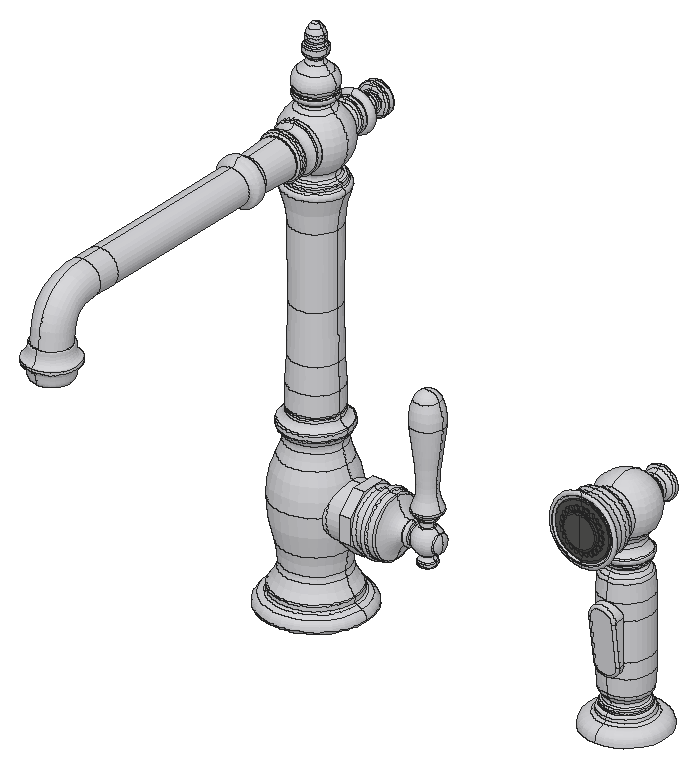
Revit family "Faucet-Kitchen_Sink-KOHLER-Artifacts-K-99265", category Plumbing Fixtures, host Face, Revit 2015 (continued)
Definition of nested family "K-99265_Faucet"
  Lines and regions (in)
    Masking region 2
      outline origin (0, 0, 0) x (0, 1, 0) y (0, 0, 1)
        loop
          spline (-0.5709, 10.18825) -> (-0.55555, 10.17322) -> (-0.54217, 10.15814) -> (-0.53076, 10.14302) -> (-0.52132, 10.12785) -> (-0.51383, 10.11263) -> (-0.50832, 10.09737) -> (-0.50477, 10.08206) -> (-0.50318, 10.06671) -> (-0.50356, 10.0513) -> (-0.50591, 10.03586) -> (-0.51022, 10.02036) -> (-0.5165, 10.00482)
          arc (-0.5165, 10.00482) -> (-0.53514, 9.97447) -> (-0.55958, 9.94855) r 0.17399
          arc (-0.55958, 9.94855) -> (-0.59743, 9.92615) -> (-0.64071, 9.91836) r 0.12414
          arc (-0.64071, 9.91836) -> (-0.6577, 9.91133) -> (-0.66473, 9.89435) r 0.02402
          line (-0.66473, 9.89435) -> (-0.66473, 9.83618)
          arc (-0.66473, 9.83618) -> (-0.67259, 9.80929) -> (-0.69369, 9.79086) r 0.04995
          arc (-0.69369, 9.79086) -> (-0.74797, 9.73361) -> (-0.74816, 9.65471) r 0.10683
          arc (-0.74816, 9.65471) -> (-0.62552, 9.24225) -> (-0.57598, 8.81481) r 2.48157
          arc (-0.57598, 8.81481) -> (-0.55808, 7.902) -> (-0.55657, 6.98903) r 50.8622
          arc (-0.55657, 6.98903) -> (-0.5679, 6.37381) -> (-0.59287, 5.759) r 27.73623
          arc (-0.59287, 5.759) -> (-0.60713, 5.43268) -> (-0.61614, 5.10618) r 20.32695
          line (-0.61614, 5.10618) -> (-0.62598, 4.60312)
          arc (-0.62598, 4.60312) -> (-0.61837, 4.58397) -> (-0.59937, 4.57599) r 0.02661
          line (-0.59937, 4.57599) -> (-0.54559, 4.57599) -> (-0.60157, 4.56099)
          arc (-0.60157, 4.56099) -> (-0.61722, 4.55481) -> (-0.62442, 4.5396) r 0.0229
          arc (-0.62442, 4.5396) -> (-0.62772, 4.50883) -> (-0.63353, 4.47843) r 0.37771
          arc (-0.63353, 4.47843) -> (-0.69402, 4.3663) -> (-0.80287, 4.30007) r 0.24345
          arc (-0.80287, 4.30007) -> (-0.81556, 4.29131) -> (-0.82044, 4.27668) r 0.02435
          line (-0.82044, 4.27668) -> (-0.82044, 4.16101)
          arc (-0.82044, 4.16101) -> (-0.81713, 4.14355) -> (-0.80765, 4.12853) r 0.04761
          arc (-0.80765, 4.12853) -> (-0.75642, 4.06508) -> (-0.71474, 3.99498) r 0.57158
          arc (-0.71474, 3.99498) -> (-0.68633, 3.90276) -> (-0.68956, 3.80631) r 0.29179
          arc (-0.68956, 3.80631) -> (-0.73645, 3.62772) -> (-0.80344, 3.45566) r 1.61306
          arc (-0.80344, 3.45566) -> (-0.95793, 2.98867) -> (-1.00768, 2.49931) r 2.25907
          arc (-1.00768, 2.49931) -> (-0.96528, 1.99757) -> (-0.84688, 1.50815) r 3.29284
          arc (-0.84688, 1.50815) -> (-0.78771, 1.26508) -> (-0.7656, 1.01589) r 1.66656
          arc (-0.7656, 1.01589) -> (-0.77128, 0.93941) -> (-0.79021, 0.86509) r 0.43831
          arc (-0.79021, 0.86509) -> (-0.87889, 0.66678) -> (-0.9993, 0.48597) r 1.30208
          arc (-0.9993, 0.48597) -> (-1.00741, 0.47125) -> (-1.01021, 0.45469) r 0.05032
          line (-1.01021, 0.45469) -> (-1.01021, 0.35409)
          arc (-1.01021, 0.35409) -> (-1.02158, 0.3213) -> (-1.05081, 0.30257) r 0.05298
          arc (-1.05081, 0.30257) -> (-1.12218, 0.27792) -> (-1.1875, 0.24003) r 0.39168
          arc (-1.1875, 0.24003) -> (-1.27039, 0.14387) -> (-1.30021, 0.02048) r 0.27019
          arc (-1.30021, 0.02048) -> (-1.29421, 0.006) -> (-1.27974, 0) r 0.02048
          line (-1.27974, 0) -> (1.27974, 0)
          arc (1.27974, 0) -> (1.29421, 0.006) -> (1.30021, 0.02048) r 0.02048
    Masking region 3
      outline origin (0, 0, 0) x (1, 0, 0) y (0, 1, 0)
        loop
          arc (0.20222, 2.14226) -> (0.10421, 2.17988) -> (0, 2.19268) r 0.43075
          arc (0, 2.19268) -> (-0.10421, 2.17988) -> (-0.20222, 2.14226) r 0.43075
          arc (-0.20222, 2.14226) -> (-0.2344, 2.11794) -> (-0.2574, 2.08481) r 0.12784
          arc (-0.2574, 2.08481) -> (-0.26999, 2.06842) -> (-0.2881, 2.05845) r 0.05043
          line (-0.2881, 2.05845) -> (-0.38067, 2.03015)
          arc (-0.38067, 2.03015) -> (-0.3961, 2.01924) -> (-0.40202, 2.0013) r 0.03017
          line (-0.40202, 2.0013) -> (-0.40202, 1.879)
          arc (-0.40202, 1.879) -> (-0.39831, 1.86408) -> (-0.38806, 1.85262) r 0.03189
          arc (-0.38806, 1.85262) -> (-0.36732, 1.83914) -> (-0.34605, 1.82652) r 0.60339
          arc (-0.34605, 1.82652) -> (-0.30536, 1.80829) -> (-0.26199, 1.79796) r 0.2381
          arc (-0.26199, 1.79796) -> (-0.24199, 1.79367) -> (-0.22281, 1.78656) r 0.1428
          arc (-0.22281, 1.78656) -> (-0.20874, 1.77629) -> (-0.19988, 1.7613) r 0.0431
          arc (-0.19988, 1.7613) -> (-0.19184, 1.7329) -> (-0.18692, 1.7038) r 0.27224
          arc (-0.18692, 1.7038) -> (-0.19114, 1.68657) -> (-0.20553, 1.67621) r 0.02562
          arc (-0.20553, 1.67621) -> (-0.23116, 1.66028) -> (-0.24408, 1.63301) r 0.0535
          arc (-0.24408, 1.63301) -> (-0.23762, 1.59402) -> (-0.20911, 1.56667) r 0.06262
          arc (-0.20911, 1.56667) -> (-0.19431, 1.55234) -> (-0.19124, 1.53197) r 0.03217
          arc (-0.19124, 1.53197) -> (-0.20303, 1.50315) -> (-0.22565, 1.48173) r 0.07394
          arc (-0.22565, 1.48173) -> (-0.33419, 1.41882) -> (-0.44522, 1.36041) r 3.05802
          arc (-0.44522, 1.36041) -> (-0.50368, 1.29084) -> (-0.49303, 1.20059) r 0.11447
          arc (-0.49303, 1.20059) -> (-1.29786, 0.00777) -> (-0.50737, -1.1946) r 1.29788
          arc (-0.50737, -1.1946) -> (-0.50057, -1.20972) -> (-0.49675, -1.22585) r 0.08706
          arc (-0.49675, -1.22585) -> (-0.49483, -1.24209) -> (-0.49355, -1.2584) r 0.41994
          line (-0.49355, -1.2584) -> (-0.44029, -2.15988)
          arc (-0.44029, -2.15988) -> (-0.46405, -2.2613) -> (-0.53939, -2.33325) r 0.18267
          spline (-0.53939, -2.33325) -> (-0.55531, -2.34098) -> (-0.56996, -2.36186) -> (-0.57514, -2.39717) -> (-0.57498, -2.4373) -> (-0.5728, -2.47374) -> (-0.56846, -2.50211) -> (-0.56097, -2.51964) -> (-0.54729, -2.53166) -> (-0.52328, -2.54775) -> (-0.48762, -2.57739) -> (-0.45336, -2.62937) -> (-0.43804, -2.71226)
          line (-0.43804, -2.71226) -> (-0.43804, -8.02779)
          arc (-0.43804, -8.02779) -> (0, -9.14832) -> (0.43804, -8.02779) r 0.64589
          line (0.43804, -8.02779) -> (0.43804, -2.71226)
          spline (0.43804, -2.71226) -> (0.45336, -2.62937) -> (0.48762, -2.57739) -> (0.52328, -2.54775) -> (0.54729, -2.53166) -> (0.56097, -2.51964) -> (0.56846, -2.50211) -> (0.5728, -2.47374) -> (0.57498, -2.4373) -> (0.57514, -2.39717) -> (0.56996, -2.36186) -> (0.55531, -2.34098) -> (0.53939, -2.33325)
          arc (0.53939, -2.33325) -> (0.46405, -2.2613) -> (0.44029, -2.15988) r 0.18267
          line (0.44029, -2.15988) -> (0.49355, -1.2584)
          arc (0.49355, -1.2584) -> (0.49483, -1.24209) -> (0.49675, -1.22585) r 0.41994
          arc (0.49675, -1.22585) -> (0.50057, -1.20972) -> (0.50737, -1.1946) r 0.08706
          arc (0.50737, -1.1946) -> (0.85032, -0.98054) -> (1.11077, -0.67133) r 1.29788
          line (1.11077, -0.67133) -> (1.22963, -0.66655) -> (1.22963, -0.75335) -> (1.50398, -0.75335)
          arc (1.50398, -0.75335) -> (1.51571, -0.70392) -> (1.56064, -0.68021) r 0.06145
          line (1.56064, -0.68021) -> (1.77599, -0.67196) -> (1.77599, -0.76324)
          arc (1.77599, -0.76324) -> (1.82859, -0.79683) -> (1.88119, -0.76324) r 0.05798
          arc (1.88119, -0.76324) -> (1.89293, -0.7504) -> (1.90991, -0.74666) r 0.02881
          line (1.90991, -0.74666) -> (2.07431, -0.74666)
          arc (2.07431, -0.74666) -> (2.08901, -0.7361) -> (2.09337, -0.71854) r 0.0262
          spline (2.09337, -0.71854) -> (2.14708, -0.57184) -> (2.17672, -0.49317) -> (2.19104, -0.4586) -> (2.19879, -0.44424) -> (2.20794, -0.42937) -> (2.22269, -0.40861) -> (2.24588, -0.38134) -> (2.27488, -0.35078) -> (2.30126, -0.32416) -> (2.32126, -0.30611) -> (2.35355, -0.28845) -> (2.42317, -0.25939)
          arc (2.42317, -0.25939) -> (2.43897, -0.26343) -> (2.45115, -0.27427) r 0.03451
          arc (2.45115, -0.27427) -> (2.50604, -0.29603) -> (2.54425, -0.251) r 0.05065
          line (2.54425, -0.251) -> (2.54425, -0.18304)
          arc (2.54425, -0.18304) -> (2.85854, -0.38381) -> (3.19532, -0.22358) r 0.38455
          arc (3.19532, -0.22358) -> (3.21204, -0.22084) -> (3.22489, -0.20979) r 0.03132
          arc (3.22489, -0.20979) -> (3.27799, 0) -> (3.22489, 0.20979) r 0.441
          arc (3.22489, 0.20979) -> (3.21204, 0.22084) -> (3.19532, 0.22358) r 0.03132
          arc (3.19532, 0.22358) -> (2.85854, 0.38381) -> (2.54425, 0.18304) r 0.38455
          line (2.54425, 0.18304) -> (2.54425, 0.251)
          arc (2.54425, 0.251) -> (2.50604, 0.29603) -> (2.45115, 0.27427) r 0.05065
          arc (2.45115, 0.27427) -> (2.43897, 0.26343) -> (2.42317, 0.25939) r 0.03451
          spline (2.42317, 0.25939) -> (2.35355, 0.28845) -> (2.32126, 0.30611) -> (2.30126, 0.32416) -> (2.27488, 0.35078) -> (2.24588, 0.38134) -> (2.22269, 0.40861) -> (2.20794, 0.42937) -> (2.19879, 0.44424) -> (2.19104, 0.4586) -> (2.17672, 0.49317) -> (2.14708, 0.57184) -> (2.09337, 0.71854)
          arc (2.09337, 0.71854) -> (2.08901, 0.7361) -> (2.07431, 0.74666) r 0.0262
          line (2.07431, 0.74666) -> (1.90991, 0.74666)
          arc (1.90991, 0.74666) -> (1.89293, 0.7504) -> (1.88119, 0.76324) r 0.02881
          arc (1.88119, 0.76324) -> (1.82859, 0.79683) -> (1.77599, 0.76324) r 0.05798
          line (1.77599, 0.76324) -> (1.77599, 0.67196) -> (1.56064, 0.68021)
          arc (1.56064, 0.68021) -> (1.51571, 0.70392) -> (1.50398, 0.75335) r 0.06145
          line (1.50398, 0.75335) -> (1.22963, 0.75335) -> (1.22963, 0.66655) -> (1.11077, 0.67133)
          arc (1.11077, 0.67133) -> (0.84444, 0.98561) -> (0.49303, 1.20059) r 1.29788
          arc (0.49303, 1.20059) -> (0.50368, 1.29084) -> (0.44522, 1.36041) r 0.11447
          arc (0.44522, 1.36041) -> (0.33419, 1.41882) -> (0.22565, 1.48173) r 3.05802
          arc (0.22565, 1.48173) -> (0.20303, 1.50315) -> (0.19124, 1.53197) r 0.07394
          arc (0.19124, 1.53197) -> (0.19431, 1.55234) -> (0.20911, 1.56667) r 0.03217
          arc (0.20911, 1.56667) -> (0.23762, 1.59402) -> (0.24408, 1.63301) r 0.06262
          arc (0.24408, 1.63301) -> (0.23116, 1.66028) -> (0.20553, 1.67621) r 0.0535
          arc (0.20553, 1.67621) -> (0.19114, 1.68657) -> (0.18692, 1.7038) r 0.02562
          arc (0.18692, 1.7038) -> (0.19184, 1.7329) -> (0.19988, 1.7613) r 0.27224
          arc (0.19988, 1.7613) -> (0.20874, 1.77629) -> (0.22281, 1.78656) r 0.0431
          arc (0.22281, 1.78656) -> (0.24199, 1.79367) -> (0.26199, 1.79796) r 0.1428
          arc (0.26199, 1.79796) -> (0.30536, 1.80829) -> (0.34605, 1.82652) r 0.2381
          arc (0.34605, 1.82652) -> (0.36732, 1.83914) -> (0.38806, 1.85262) r 0.60339
          arc (0.38806, 1.85262) -> (0.39831, 1.86408) -> (0.40202, 1.879) r 0.03189
          line (0.40202, 1.879) -> (0.40202, 2.0013)
          arc (0.40202, 2.0013) -> (0.3961, 2.01924) -> (0.38067, 2.03015) r 0.03017
          line (0.38067, 2.03015) -> (0.2881, 2.05845)
          arc (0.2881, 2.05845) -> (0.26999, 2.06842) -> (0.2574, 2.08481) r 0.05043
          arc (0.2574, 2.08481) -> (0.2344, 2.11794) -> (0.20222, 2.14226) r 0.12784
    symbolic lines, detail levels medium+fine
      curve 1: arc (0.43542, 0, 10.78834) -> (0, 0, 11.22377) -> (-0.43542, 0, 10.78834) r 0.43542
      curve 2: line (-0.43542, 0, 9.75793) -> (0, 0, 9.75793)
      curve 3: line (0, 0, 9.75793) -> (0.43542, 0, 9.75793)
      curve 4: line (-0.44399, 0, 8.95285) -> (0.44399, 0, 8.95285)
      curve 5: line (-0.43542, 0, 10.78834) -> (-0.43542, 0, 9.75793)
      curve 6: line (0.43542, 0, 10.78834) -> (0.43542, 0, 9.75793)
      curve 7: line (0, 0, 9.75793) -> (0.43542, 0, 9.75793)
      curve 8: line (-0.4953, 0, 9.7234) -> (-0.4953, 0, 9.67956)
      curve 9: arc (-0.4953, 0, 9.67956) -> (-0.50275, 0, 9.60544) -> (-0.52481, 0, 9.53429) r 0.37235
      curve 10: arc (-0.52481, 0, 9.53429) -> (-0.56841, 0, 9.46389) -> (-0.63127, 0, 9.40999) r 0.2704
      curve 11: line (-0.64284, 0, 9.38919) -> (-0.64284, 0, 9.33023)
      curve 12: arc (-0.48018, 0, 8.98496) -> (-0.46818, 0, 8.96203) -> (-0.44399, 0, 8.95285) r 0.03645
      curve 13: line (-0.48018, 0, 8.98496) -> (-0.53642, 0, 9.22855)
      curve 14: arc (-0.53642, 0, 9.22855) -> (-0.55503, 0, 9.27347) -> (-0.59995, 0, 9.29208) r 0.06353
      curve 15: arc (-0.59995, 0, 9.29208) -> (-0.62865, 0, 9.303) -> (-0.64284, 0, 9.33023) r 0.04319
      curve 16: arc (-0.63127, 0, 9.40999) -> (-0.63975, 0, 9.40109) -> (-0.64284, 0, 9.38919) r 0.02446
      curve 17: line (-0.43542, 0, 9.75793) -> (-0.46076, 0, 9.75793)
      curve 18: arc (-0.46076, 0, 9.75793) -> (-0.48518, 0, 9.74782) -> (-0.4953, 0, 9.7234) r 0.03454
      curve 19: line (0.4953, 0, 9.7234) -> (0.4953, 0, 9.67956)
      curve 20: arc (0.4953, 0, 9.67956) -> (0.50275, 0, 9.60544) -> (0.52481, 0, 9.53429) r 0.37235
      curve 21: arc (0.52481, 0, 9.53429) -> (0.56841, 0, 9.46389) -> (0.63127, 0, 9.40999) r 0.2704
      curve 22: line (0.64284, 0, 9.38919) -> (0.64284, 0, 9.33023)
      curve 23: arc (0.48018, 0, 8.98496) -> (0.46818, 0, 8.96203) -> (0.44399, 0, 8.95285) r 0.03645
      curve 24: line (0.48018, 0, 8.98496) -> (0.53642, 0, 9.22855)
      curve 25: arc (0.53642, 0, 9.22855) -> (0.55503, 0, 9.27347) -> (0.59995, 0, 9.29208) r 0.06353
      curve 26: arc (0.59995, 0, 9.29208) -> (0.62865, 0, 9.303) -> (0.64284, 0, 9.33023) r 0.04319
      curve 27: arc (0.63127, 0, 9.40999) -> (0.63975, 0, 9.40109) -> (0.64284, 0, 9.38919) r 0.02446
      curve 28: line (0.43542, 0, 9.75793) -> (0.46076, 0, 9.75793)
      curve 29: arc (0.46076, 0, 9.75793) -> (0.48518, 0, 9.74782) -> (0.4953, 0, 9.7234) r 0.03454
      curve 30: line (-0.54559, 0, 4.57599) -> (0.54559, 0, 4.57599)
      curve 31: line (1.22973, 0, 3.13833) -> (1.22973, 0, 1.80089)
      curve 32: line (1.77608, 0, 1.7995) -> (1.77608, 0, 3.14407)
      curve 33: line (1.50398, 0, 3.2446) -> (1.50398, 0, 1.69036)
      curve 34: line (2.54434, 0, 2.67439) -> (2.54434, 0, 2.26917)
      curve 35: line (3.15618, 0, 2.69537) -> (3.15618, 0, 2.24009)
      curve 36: line (2.65626, 0, 3.04896) -> (3.11042, 0, 3.04896)
      curve 37: line (2.75882, 0, 2.1233) -> (3.00786, 0, 2.1233)
      curve 38: line (2.73143, 0, 2.81264) -> (3.03525, 0, 2.81264)
      curve 39: line (-1.01021, 0, 0.45469) -> (1.01021, 0, 0.45469)
      curve 40: line (-0.46919, 0, 11.85891) -> (0.46919, 0, 11.85891)
      curve 41: line (-0.64071, 0, 9.91836) -> (-0.43542, 0, 9.91836)
      curve 42: line (0.43542, 0, 9.91836) -> (0.64071, 0, 9.91836)
      curve 43: line (0, -8.96672, 9.75793) -> (0, -8.03814, 9.75793)
      curve 44: line (0, 1.14439, 10.38632) -> (0, 1.14439, 11.19036)
      curve 45: line (0, 2.05899, 11.07645) -> (0, 2.05899, 10.50024)
      curve 46: line (0, 0.75853, 11.12051) -> (0, 0.75853, 10.45576)
      curve 47: line (0, -1.22531, 11.28509) -> (0, -1.22531, 10.29159)
      curve 48: line (0, -1.0172, 11.33754) -> (0, -1.0172, 10.23914)
      curve 49: line (0, -2.33271, 11.32773) -> (0, -2.33271, 10.24895)
      curve 50: line (0, -2.53691, 11.32773) -> (0, -2.53691, 10.24895)
      curve 51: line (0, 0.64071, 9.91836) -> (0, -0.64071, 9.91836)
      curve 52: line (0, 1.05081, 0.30257) -> (0, -1.05081, 0.30257)
      curve 53: arc (0, 0.00046, 2.25953) -> (0, -0.22313, 2.48311) -> (0, 0.00046, 2.70669) r 0.22358
      curve 54: arc (0, 0.00046, 2.70669) -> (0, 0.22404, 2.48311) -> (0, 0.00046, 2.25953) r 0.22358
      curve 55: line (0, 0.17816, 2.34742) -> (0, -0.13523, 2.66081)
      curve 56: line (0, -0.17912, 2.61631) -> (0, 0.13366, 2.30354)
      curve 57: arc (0, -0.05423, 1.81238) -> (0, 0.00382, 1.79574) -> (0, 0.06064, 1.81621) r 0.0982
      curve 58: line (0, -0.37106, 5.13407) -> (0, -0.26236, 4.18093)
      curve 59: line (0, -0.26236, 4.18093) -> (0, -0.34958, 3.20359)
      curve 60: arc (0, -0.34958, 3.20359) -> (0, -0.3598, 3.18186) -> (0, -0.35557, 3.15822) r 0.03957
      curve 61: line (0, -0.22706, 3.05311) -> (0, -0.22706, 2.99918)
      curve 62: arc (0, -0.22706, 2.99918) -> (0, -0.21792, 2.98186) -> (0, -0.19908, 2.97652) r 0.02488
      curve 63: arc (0, -0.19908, 2.97652) -> (0, -0.17344, 2.96135) -> (0, -0.1601, 2.93473) r 0.05281
      curve 64: arc (0, -0.1601, 2.93473) -> (0, -0.15142, 2.89399) -> (0, -0.15003, 2.85236) r 0.23629
      curve 65: arc (0, -0.15189, 2.81678) -> (0, -0.15849, 2.79821) -> (0, -0.17285, 2.78471) r 0.04191
      curve 66: arc (0, -0.17285, 2.78471) -> (0, -0.34962, 2.4679) -> (0, -0.15063, 2.16455) r 0.35004
      curve 67: arc (0, -0.15063, 2.16455) -> (0, -0.12332, 2.10767) -> (0, -0.15063, 2.05078) r 0.07291
      curve 68: arc (0, -0.15063, 2.05078) -> (0, -0.17908, 2.03089) -> (0, -0.2099, 2.01489) r 0.26448
      curve 69: line (0, -0.21498, 2.00002) -> (0, -0.21498, 1.9384)
      curve 70: arc (0, -0.21498, 1.9384) -> (0, -0.20807, 1.92171) -> (0, -0.19137, 1.9148) r 0.02361
      curve 71: line (0, -0.16051, 1.90006) -> (0, -0.05534, 1.81314)
      curve 72: arc (0, -0.37106, 5.13407) -> (0, -0.37081, 5.43114) -> (0, -0.29671, 5.71882) r 1.18563
      curve 73: arc (0, -0.29671, 5.71882) -> (0, -0.18241, 5.87174) -> (0, 0.00046, 5.9266) r 0.30462
      curve 74: line (0, 0.37198, 5.13407) -> (0, 0.26327, 4.18093)
      curve 75: line (0, 0.26327, 4.18093) -> (0, 0.35049, 3.20359)
      curve 76: arc (0, 0.22797, 2.99918) -> (0, 0.21883, 2.98186) -> (0, 0.19999, 2.97652) r 0.02488
      curve 77: arc (0, 0.16101, 2.93473) -> (0, 0.15234, 2.89399) -> (0, 0.15095, 2.85236) r 0.23629
      curve 78: arc (0, 0.17377, 2.78471) -> (0, 0.35053, 2.4679) -> (0, 0.15154, 2.16455) r 0.35004
      curve 79: arc (0, 0.15154, 2.05078) -> (0, 0.17999, 2.03089) -> (0, 0.21081, 2.01489) r 0.26448
      curve 80: line (0, 0.16143, 1.90006) -> (0, 0.05532, 1.81237)
      curve 81: arc (0, 0.37198, 5.13407) -> (0, 0.37172, 5.43114) -> (0, 0.29763, 5.71882) r 1.18563
      curve 82: arc (0, 0.29763, 5.71882) -> (0, 0.18333, 5.87174) -> (0, 0.00046, 5.9266) r 0.30462
      curve 83: arc (0, 0.35049, 3.20359) -> (0, 0.36096, 3.18176) -> (0, 0.35721, 3.15783) r 0.04083
      curve 84: arc (0, -0.35374, 3.15601) -> (0, -0.29858, 3.09449) -> (0, -0.22706, 3.05311) r 0.2632
      curve 85: line (0, 0.22797, 3.05311) -> (0, 0.22797, 2.99918)
      curve 86: arc (0, 0.19999, 2.97652) -> (0, 0.17436, 2.96135) -> (0, 0.16101, 2.93473) r 0.05281
      curve 87: arc (0, 0.1528, 2.81678) -> (0, 0.1594, 2.79821) -> (0, 0.17377, 2.78471) r 0.04191
      curve 88: line (0, -0.15003, 2.85236) -> (0, -0.15209, 2.81488)
      curve 89: line (0, 0.15095, 2.85236) -> (0, 0.15301, 2.81488)
      curve 90: line (0, -0.22706, 3.05311) -> (0, 0.22797, 3.05311)
      curve 91: line (0, 0.21589, 2.00002) -> (0, 0.21589, 1.9384)
      curve 92: arc (0, 0.21589, 1.9384) -> (0, 0.20898, 1.92171) -> (0, 0.19229, 1.9148) r 0.02361
      curve 93: arc (0, -0.19137, 1.9148) -> (0, -0.17531, 1.90875) -> (0, -0.16051, 1.90006) r 0.10079
      curve 94: arc (0, 0.19229, 1.9148) -> (0, 0.17623, 1.90875) -> (0, 0.16143, 1.90006) r 0.10079
      curve 95: arc (0, 0.15154, 2.16455) -> (0, 0.12423, 2.10767) -> (0, 0.15154, 2.05078) r 0.07291
      curve 96: arc (0, -0.71706, 2.82881) -> (0, 0.25784, 1.72515) -> (0, 0.35684, 3.1944) r 0.79785
      curve 97: arc (0, -0.33222, 3.1272) -> (0, 0, 1.75324) -> (0, 0.33297, 3.12702) r 0.72719
      curve 98: line (0, -0.75289, 2.79298) -> (0, -0.71706, 2.82881)
      curve 99: line (0, -0.75289, 2.16889) -> (0, -0.75289, 2.21843)
      curve 100: line (0, -0.31159, 1.72758) -> (0, -0.34573, 1.76173)
      curve 101: line (0, 0.3125, 1.72758) -> (0, 0.26488, 1.72758)
      curve 102: line (0, 0.7538, 2.16889) -> (0, 0.7199, 2.13498)
      curve 103: line (0, 0.7538, 2.79298) -> (0, 0.7538, 2.74391)
      curve 104: line (0, -0.75289, 2.74244) -> (0, -0.75289, 2.79298)
      curve 105: line (0, -0.71799, 2.13399) -> (0, -0.75289, 2.16889)
      curve 106: line (0, -0.26345, 1.72758) -> (0, -0.31159, 1.72758)
      curve 107: line (0, 0.34617, 1.76125) -> (0, 0.3125, 1.72758)
      curve 108: line (0, 0.7538, 2.21696) -> (0, 0.7538, 2.16889)
      curve 109: line (0, 0.71897, 2.82781) -> (0, 0.7538, 2.79298)
      curve 110: arc (0, -0.35557, 3.15822) -> (0, 0.00004, 1.71987) -> (0, 0.35721, 3.15783) r 0.76324
      curve 111: arc (0, -0.35613, 3.19404) -> (0, -0.56678, 3.04125) -> (0, -0.71706, 2.82881) r 0.79785
      curve 112: arc (0, 0.35466, 3.15601) -> (0, 0.29949, 3.09449) -> (0, 0.22797, 3.05311) r 0.2632
      curve 113: arc (0, 0.00046, 5.9266) -> (0, -0.1793, 5.86728) -> (0, -0.29671, 5.71882) r 0.32937
      curve 114: arc (0, -0.29671, 5.71882) -> (0, -0.37277, 5.43136) -> (0, -0.37888, 5.13407) r 1.25185
      curve 115: line (0, -0.37888, 5.13407) -> (0, -0.34958, 3.20359)
      curve 116: arc (0, -0.34958, 3.20359) -> (0, -0.35982, 3.18052) -> (0, -0.35374, 3.15601) r 0.03892
      curve 117: arc (0, -0.35374, 3.15601) -> (0, -0.29858, 3.09449) -> (0, -0.22706, 3.05311) r 0.2632
      curve 118: line (0, -0.22706, 3.05311) -> (0, -0.22706, 2.99918)
      curve 119: line (0, -0.21498, 2.00002) -> (0, -0.21498, 1.9384)
      curve 120: arc (0, -0.10649, 1.85513) -> (0, -0.08127, 1.83264) -> (0, -0.05423, 1.81238) r 0.39479
      curve 121: arc (0, -0.16051, 1.90006) -> (0, -0.13263, 1.87864) -> (0, -0.10649, 1.85513) r 0.45307
      curve 122: arc (0, -0.19716, 1.91625) -> (0, -0.17802, 1.90999) -> (0, -0.16051, 1.90006) r 0.10079
      curve 123: arc (0, -0.21498, 1.9384) -> (0, -0.20997, 1.92418) -> (0, -0.19716, 1.91625) r 0.02268
      curve 124: arc (0, -0.19677, 2.02355) -> (0, -0.1414, 2.06211) -> (0, -0.1245, 2.12744) r 0.09716
      curve 125: arc (0, -0.21498, 2.00002) -> (0, -0.2099, 2.01489) -> (0, -0.19677, 2.02355) r 0.02431
      curve 126: arc (0, -0.15063, 2.16455) -> (0, -0.34962, 2.4679) -> (0, -0.17285, 2.78471) r 0.35004
      curve 127: arc (0, -0.1245, 2.12744) -> (0, -0.13271, 2.14942) -> (0, -0.15063, 2.16455) r 0.04633
      curve 128: arc (0, -0.15189, 2.81678) -> (0, -0.15102, 2.87834) -> (0, -0.16121, 2.93906) r 0.34202
      curve 129: arc (0, -0.17285, 2.78471) -> (0, -0.15849, 2.79821) -> (0, -0.15189, 2.81678) r 0.04191
      curve 130: arc (0, -0.16121, 2.93906) -> (0, -0.17816, 2.96585) -> (0, -0.20747, 2.97791) r 0.05228
      curve 131: arc (0, -0.22706, 2.99918) -> (0, -0.22142, 2.98473) -> (0, -0.20747, 2.97791) r 0.02134
      curve 132: arc (0, 0.15154, 2.16455) -> (0, 0.35053, 2.4679) -> (0, 0.17377, 2.78471) r 0.35004
      curve 133: arc (0, 0.12541, 2.12744) -> (0, 0.13362, 2.14942) -> (0, 0.15154, 2.16455) r 0.04633
      curve 134: arc (0, 0.1528, 2.81678) -> (0, 0.15194, 2.87834) -> (0, 0.16212, 2.93906) r 0.34202
      curve 135: arc (0, 0.19768, 2.02355) -> (0, 0.14231, 2.06211) -> (0, 0.12541, 2.12744) r 0.09716
      curve 136: arc (0, 0.16143, 1.90006) -> (0, 0.13354, 1.87864) -> (0, 0.1074, 1.85513) r 0.45307
      curve 137: arc (0, 0.19807, 1.91625) -> (0, 0.17894, 1.90999) -> (0, 0.16143, 1.90006) r 0.10079
      curve 138: arc (0, 0.1074, 1.85513) -> (0, 0.08477, 1.83477) -> (0, 0.06064, 1.81621) r 0.39479
      curve 139: arc (0, 0.21589, 1.9384) -> (0, 0.21088, 1.92418) -> (0, 0.19807, 1.91625) r 0.02268
      curve 140: arc (0, 0.21589, 2.00002) -> (0, 0.21081, 2.01489) -> (0, 0.19768, 2.02355) r 0.02431
      curve 141: line (0, 0.21589, 2.00002) -> (0, 0.21589, 1.9384)
      curve 142: arc (0, 0.17377, 2.78471) -> (0, 0.1594, 2.79821) -> (0, 0.1528, 2.81678) r 0.04191
      curve 143: arc (0, 0.35466, 3.15601) -> (0, 0.29949, 3.09449) -> (0, 0.22797, 3.05311) r 0.2632
      curve 144: line (0, 0.22797, 3.05311) -> (0, 0.22797, 2.99918)
      curve 145: arc (0, 0.16212, 2.93906) -> (0, 0.17907, 2.96585) -> (0, 0.20839, 2.97791) r 0.05228
      curve 146: arc (0, 0.22797, 2.99918) -> (0, 0.22233, 2.98473) -> (0, 0.20839, 2.97791) r 0.02134
      curve 147: line (0, 0.37979, 5.13407) -> (0, 0.35049, 3.20359)
      curve 148: arc (0, 0.35049, 3.20359) -> (0, 0.36073, 3.18052) -> (0, 0.35466, 3.15601) r 0.03892
      curve 149: arc (0, 0.00046, 5.9266) -> (0, 0.18021, 5.86728) -> (0, 0.29763, 5.71882) r 0.32937
      curve 150: arc (0, 0.29763, 5.71882) -> (0, 0.37368, 5.43136) -> (0, 0.37979, 5.13407) r 1.25185
      curve 151: line (0, -0.54559, 4.57599) -> (0, -0.31605, 4.57599)
      curve 152: line (0, 0.54559, 4.57599) -> (0, 0.3132, 4.57599)
      curve 153: line (1.22963, 0.75335, 0) -> (1.22963, 0, 0)
      curve 154: line (1.22963, 0, 0) -> (1.22963, -0.75335, 0)
      curve 155: line (1.50388, 0.75335, 0) -> (1.50388, 0, 0)
      curve 156: line (1.50388, 0, 0) -> (1.50388, -0.75335, 0)
      curve 157: line (1.77599, 0.76324, 0) -> (1.77599, 0, 0)
      curve 158: line (1.77599, 0, 0) -> (1.77599, -0.76324, 0)
      curve 159: line (2.49686, 0, 0) -> (3.2684, 0, 0)
      curve 160: circle (2.88263, 0, 0) r 0.38577 normal (0, 0, 1)
      curve 161: line (2.42317, 0.25939, 0) -> (2.42317, -0.25939, 0)
      curve 162: line (2.44718, 0.26954, 0) -> (2.44718, -0.26842, 0)
      curve 163: line (1.90991, 0.74666, 0) -> (1.90991, -0.74666, 0)
      curve 164: line (2.07431, 0.74666, 0) -> (2.07431, -0.74666, 0)
      curve 165: line (2.09337, 0.71854, 0) -> (2.09337, -0.71854, 0)
      curve 166: line (1.22963, 0.41618, 0) -> (1.50388, 0.41618, 0)
      curve 167: line (1.50388, -0.31205, 0) -> (1.22963, -0.31205, 0)
      curve 168: line (-0.43804, -8.02779, 0) -> (-0.43804, -8.50243, 0)
      curve 169: line (0.43804, -8.02779, 0) -> (0.43804, -8.50243, 0)
      curve 170: arc (-0.43804, -8.50243, 0) -> (0, -8.94047, 0) -> (0.43804, -8.50243, 0) r 0.43804
      curve 171: line (-0.49303, 1.20059, 0) -> (-0.49303, 0.74666, 0)
      curve 172: line (0.49303, 1.20059, 0) -> (0.49303, 0.74666, 0)
      curve 173: arc (0.5251, -0.72446, 0) -> (0.89454, 0.0195, 0) -> (0.49303, 0.74666, 0) r 0.89475
      curve 174: arc (-0.49303, 1.10822, 0) -> (-1.21294, 0.00529, 0) -> (-0.50268, -1.10388, 0) r 1.21295
      curve 175: line (-0.5251, -0.72446, 0) -> (-0.49355, -1.2584, 0)
      curve 176: line (0.5251, -0.72446, 0) -> (0.49355, -1.2584, 0)
      curve 177: arc (0.50268, -1.10388, 0) -> (1.21294, 0.00529, 0) -> (0.49303, 1.10822, 0) r 1.21295
      curve 178: arc (-0.49303, 0.74666, 0) -> (-0.89454, 0.0195, 0) -> (-0.5251, -0.72446, 0) r 0.89475
      curve 179: line (-0.49303, 0.74666, 0) -> (0.49303, 0.74666, 0)
      curve 180: line (-0.5251, -0.72446, 0) -> (0.5251, -0.72446, 0)
      curve 181: line (-0.53939, -2.33325, 0) -> (0.53939, -2.33325, 0)
      curve 182: line (0.53939, -2.53607, 0) -> (-0.53939, -2.53607, 0)
  Dimensions and locks (in)
    aligned and locked: plane 2 to level
Definition of nested family "K-99265_Spray"
  Parameters (values of type "K-99265_Spray")
    Material = none
  Reference planes (in)
    plane 1 "Center (Front/Back)": y = 0
    plane 2: z = 0
    plane 3 "Center (Left/Right)": x = 0
  Forms (in)
    Revolve 1, solid, material <- "Material"
      sketch origin (0, 0, 0) x (0, 1, 0) y (0, 0, 1)
        loop
          line (0.00003, 0.00009) -> (0.99951, 0.00009)
          spline (0.99951, 0.00009) -> (0.9907, 0.08078) -> (0.98085, 0.11338) -> (0.96715, 0.14857) -> (0.95888, 0.16297) -> (0.94572, 0.18191) -> (0.93144, 0.1992) -> (0.90404, 0.22526) -> (0.88811, 0.23809) -> (0.85727, 0.256) -> (0.83427, 0.26852) -> (0.81674, 0.27693) -> (0.70984, 0.31331)
          arc (0.70984, 0.31331) -> (0.66434, 0.33118) -> (0.64087, 0.37405) r 0.07171
          arc (0.64087, 0.37405) -> (0.63432, 0.40996) -> (0.62584, 0.44547) r 0.67445
          arc (0.62584, 0.44547) -> (0.60283, 0.48229) -> (0.56315, 0.49994) r 0.07421
          line (0.56315, 0.49994) -> (0.52449, 0.49994)
          arc (0.52449, 0.49994) -> (0.54512, 0.50916) -> (0.55357, 0.5301) r 0.03018
          line (0.55357, 0.5301) -> (0.55357, 0.57778)
          arc (0.55357, 0.57778) -> (0.54914, 0.59346) -> (0.53716, 0.60451) r 0.02997
          arc (0.53716, 0.60451) -> (0.50894, 0.62396) -> (0.48686, 0.65018) r 0.12848
          arc (0.48686, 0.65018) -> (0.47326, 0.69738) -> (0.48733, 0.74443) r 0.0872
          line (0.48733, 0.74443) -> (0.55745, 0.85241)
          arc (0.55745, 0.85241) -> (0.58032, 0.8979) -> (0.59268, 0.9473) r 0.23144
          arc (0.59268, 0.9473) -> (0.61409, 1.15963) -> (0.62079, 1.37294) r 3.0887
          arc (0.62079, 1.37294) -> (0.62087, 1.5703) -> (0.62234, 1.76766) r 27.79023
          arc (0.62234, 1.76766) -> (0.62497, 2.24363) -> (0.62234, 2.7196) r 43.11888
          arc (0.62234, 2.7196) -> (0.62087, 2.91696) -> (0.62079, 3.11433) r 27.79023
          arc (0.62079, 3.11433) -> (0.61409, 3.32763) -> (0.59268, 3.53997) r 3.0887
          arc (0.59268, 3.53997) -> (0.58032, 3.58936) -> (0.55745, 3.63486) r 0.23144
          line (0.55745, 3.63486) -> (0.48793, 3.7419)
          arc (0.48793, 3.7419) -> (0.47422, 3.77953) -> (0.47835, 3.81936) r 0.08919
          arc (0.47835, 3.81936) -> (0.50031, 3.85605) -> (0.53529, 3.88064) r 0.10282
          arc (0.53529, 3.88064) -> (0.54836, 3.89143) -> (0.55347, 3.90759) r 0.02993
          line (0.55347, 3.90759) -> (0.55347, 3.96076)
          arc (0.55347, 3.96076) -> (0.55737, 3.97832) -> (0.57072, 3.99038) r 0.02959
          arc (0.57072, 3.99038) -> (0.60492, 4.03405) -> (0.58867, 4.08708) r 0.05995
          line (0.58867, 4.08708) -> (0.5531, 4.11159)
          arc (0.5531, 4.11159) -> (0.47595, 4.18929) -> (0.43226, 4.2897) r 0.2965
          arc (0.43226, 4.2897) -> (0.42806, 4.35485) -> (0.44458, 4.41801) r 0.20467
          arc (0.44458, 4.41801) -> (0.48394, 4.49116) -> (0.53647, 4.5555) r 0.43536
          arc (0.53647, 4.5555) -> (0.57301, 4.59517) -> (0.6066, 4.63735) r 0.75153
          arc (0.6066, 4.63735) -> (0.67284, 5.42356) -> (0.00003, 5.83568) r 0.75153
          line (0.00003, 5.83568) -> (0.00003, 0.00009)
        axis (0.00003, 5.83568) -> (0.00003, 0.00009)
      angle from 0 to 360
    Revolve 2, solid, material <- "Material"
      sketch origin (0, 0, 0) x (0, 1, 0) y (0, 0, 1)
        loop
          line (1.24233, 5.08666) -> (0.61887, 5.08666) -> (0.61887, 4.68518)
          arc (0.61887, 4.68518) -> (0.66545, 4.71844) -> (0.72128, 4.73103) r 0.1446
          arc (0.72128, 4.73103) -> (0.74142, 4.73977) -> (0.74971, 4.7601) r 0.02908
          line (0.74971, 4.7601) -> (0.74971, 4.79126) -> (0.82105, 4.79126)
          arc (0.82105, 4.79126) -> (0.86417, 4.79081) -> (0.90728, 4.78945) r 2.05487
          arc (0.90728, 4.78945) -> (0.97912, 4.77396) -> (1.04165, 4.73533) r 0.21664
          arc (1.04165, 4.73533) -> (1.07003, 4.71111) -> (1.09922, 4.68787) r 1.08722
          arc (1.09922, 4.68787) -> (1.13479, 4.67832) -> (1.16671, 4.69671) r 0.04813
          arc (1.16671, 4.69671) -> (1.19189, 4.73836) -> (1.20727, 4.78453) r 0.21925
          arc (1.20727, 4.78453) -> (1.23537, 4.93436) -> (1.24233, 5.08666) r 1.09189
        loop
          line (-0.60824, 4.49752) -> (-0.45501, 4.49752) -> (-0.45501, 5.08666) -> (-1.35024, 5.08666) -> (-1.35024, 4.36816) -> (-1.38731, 4.36816)
          arc (-1.38731, 4.36816) -> (-1.41777, 4.35554) -> (-1.43038, 4.32508) r 0.04308
          line (-1.43038, 4.32508) -> (-1.43038, 4.29432)
          arc (-1.43038, 4.29432) -> (-1.41471, 4.23309) -> (-1.35158, 4.23003) r 0.05321
          arc (-1.35158, 4.23003) -> (-1.24593, 4.28417) -> (-1.13078, 4.31304) r 0.52206
          arc (-1.13078, 4.31304) -> (-1.05026, 4.32012) -> (-0.96943, 4.3201) r 0.91938
          arc (-0.96943, 4.3201) -> (-0.89648, 4.32322) -> (-0.82516, 4.3389) r 0.42071
          arc (-0.82516, 4.3389) -> (-0.71758, 4.39641) -> (-0.63856, 4.48932) r 0.32713
          line (-0.63856, 4.48932) -> (-0.62992, 4.52225)
          arc (-0.62992, 4.52225) -> (-0.62373, 4.5058) -> (-0.60824, 4.49752) r 0.02494
        axis (-1.43038, 5.08666) -> (1.24233, 5.08666)
      angle from 0 to 360
    Extrusion 3, solid, material <- "Material"
      sketch origin (0, -0.45516, -0.05589) x (0, -0.121869, 0.992546) y (1, 0, 0)
        loop
          line (1.75926, -0.3347) -> (2.82625, -0.3347)
          arc (2.82625, -0.3347) -> (3.1626, 0.00165) -> (2.82625, 0.33801) r 0.33636
          line (2.82625, 0.33801) -> (1.75926, 0.33801)
          arc (1.75926, 0.33801) -> (1.42291, 0.00165) -> (1.75926, -0.3347) r 0.33636
      from -0.01207 to 0.37202
    Sweep 4, void
      path origin (0, -0.45516, -0.05589) x (0, -0.121869, 0.992546) y (1, 0, 0)
        loop
          line (2.82625, 0.33801) -> (1.75926, 0.33801)
          arc (1.75926, 0.33801) -> (1.42291, 0.00165) -> (1.75926, -0.3347) r 0.33636
          line (1.75926, -0.3347) -> (2.82625, -0.3347)
          arc (2.82625, -0.3347) -> (3.1626, 0.00165) -> (2.82625, 0.33801) r 0.33636
      profile origin (0.00165, -0.84058, 3.08314) x (0, -0.121869, 0.992546) y (0, 0.992546, 0.121869)
        loop
          line (0.03462, 0.04997) -> (0, 0.04997)
          arc (0, 0.04997) -> (-0.01817, 0.0061) -> (-0.06204, -0.01207) r 0.06204
          line (-0.06204, -0.01207) -> (-0.06204, -0.06158) -> (0.03462, -0.06158) -> (0.03462, 0.04997)
    Extrusion 5, solid
      sketch origin (0, 0, 0) x (1, 0, 0) y (0, 0, 1)
        loop
          circle (0.00087, 4.57092) r 0.04736
        loop
          circle (0.13193, 4.58986) r 0.04736
        loop
          circle (0.25785, 4.63784) r 0.04736
        loop
          circle (0.36179, 4.72368) r 0.04736
        loop
          circle (0.44694, 4.83097) r 0.04736
        loop
          circle (0.49598, 4.95785) r 0.04736
        loop
          circle (0.51071, 5.08307) r 0.04736
        loop
          circle (0.49615, 5.21602) r 0.04736
        loop
          circle (-0.13088, 4.5921) r 0.04736
        loop
          circle (-0.25905, 4.6425) r 0.04736
        loop
          circle (-0.36654, 4.72386) r 0.04736
        loop
          circle (-0.44836, 4.82777) r 0.04736
        loop
          circle (-0.49492, 4.95245) r 0.04736
        loop
          circle (0.00237, 5.5969) r 0.04736
        loop
          circle (0.13412, 5.58353) r 0.04736
        loop
          circle (0.25448, 5.52532) r 0.04736
        loop
          circle (0.36197, 5.44396) r 0.04736
        loop
          circle (0.44379, 5.34005) r 0.04736
        loop
          circle (-0.13109, 5.57828) r 0.04736
        loop
          circle (-0.26242, 5.52998) r 0.04736
        loop
          circle (-0.36636, 5.45195) r 0.04736
        loop
          circle (-0.4437, 5.34466) r 0.04736
        loop
          circle (-0.50055, 5.21778) r 0.04736
        loop
          circle (-0.51528, 5.08475) r 0.04736
      from 1.37571 to 1.4377
    Revolve 6, solid
      sketch origin (0, 0, 0) x (0, 1, 0) y (0, 0, 1)
        loop
          line (-1.5111, 5.48819) -> (-1.5111, 5.08666) -> (-1.35024, 5.08666) -> (-1.35024, 5.79514) -> (-1.39479, 5.79514)
          arc (-1.39479, 5.79514) -> (-1.40975, 5.78895) -> (-1.41594, 5.774) r 0.02115
          line (-1.41594, 5.774) -> (-1.41594, 5.5298)
          arc (-1.41594, 5.5298) -> (-1.42189, 5.51544) -> (-1.43625, 5.50949) r 0.02031
          line (-1.43625, 5.50949) -> (-1.4898, 5.50949)
          arc (-1.4898, 5.50949) -> (-1.50486, 5.50325) -> (-1.5111, 5.48819) r 0.0213
        axis (-1.5111, 5.08666) -> (-1.35024, 5.08666)
      angle from 0 to 360
  Cuts and joins
    Sweep 4 cuts Extrusion 3
    joined: Revolve 1, Revolve 2
    joined: Extrusion 5, Revolve 6
  Lines and regions (in)
    Masking region 1
      outline origin (0, 0, 0) x (1, 0, 0) y (0, 1, 0)
        loop
          arc (-0.30643, 0.95189) -> (-0.97452, 0.22431) -> (-0.69175, -0.72214) r 1
          arc (-0.69175, -0.72214) -> (-0.73867, -0.79457) -> (-0.75991, -0.87822) r 0.2658
          arc (-0.75991, -0.87822) -> (-0.76356, -0.93438) -> (-0.76491, -0.99064) r 1.36837
          arc (-0.76491, -0.99064) -> (-0.76736, -1.06472) -> (-0.77421, -1.13853) r 1.24628
          arc (-0.77421, -1.13853) -> (-0.80146, -1.24869) -> (-0.85415, -1.3492) r 0.47325
          arc (-0.85415, -1.3492) -> (-0.85334, -1.41361) -> (-0.79233, -1.43429) r 0.05577
          line (-0.79233, -1.43429) -> (-0.42358, -1.43429) -> (-0.42358, -1.49105)
          arc (-0.42358, -1.49105) -> (-0.41768, -1.5053) -> (-0.40344, -1.5112) r 0.02015
          line (-0.40344, -1.5112) -> (0.40344, -1.5112)
          arc (0.40344, -1.5112) -> (0.41768, -1.5053) -> (0.42358, -1.49105) r 0.02015
          line (0.42358, -1.49105) -> (0.42358, -1.43429) -> (0.79233, -1.43429)
          arc (0.79233, -1.43429) -> (0.85334, -1.41361) -> (0.85415, -1.3492) r 0.05577
          arc (0.85415, -1.3492) -> (0.80146, -1.24869) -> (0.77421, -1.13853) r 0.47325
          arc (0.77421, -1.13853) -> (0.76736, -1.06472) -> (0.76491, -0.99064) r 1.24628
          arc (0.76491, -0.99064) -> (0.76356, -0.93438) -> (0.75991, -0.87822) r 1.36837
          arc (0.75991, -0.87822) -> (0.73867, -0.79457) -> (0.69175, -0.72214) r 0.2658
          arc (0.69175, -0.72214) -> (0.97452, 0.22431) -> (0.30643, 0.95189) r 1
          arc (0.30643, 0.95189) -> (0.30824, 0.97034) -> (0.31629, 0.98704) r 0.05311
          arc (0.31629, 0.98704) -> (0.32962, 1.00704) -> (0.34146, 1.02795) r 0.33097
          arc (0.34146, 1.02795) -> (0.35251, 1.04492) -> (0.36664, 1.05942) r 0.10362
          arc (0.36664, 1.05942) -> (0.38956, 1.08411) -> (0.40581, 1.11361) r 0.13804
          arc (0.40581, 1.11361) -> (0.4088, 1.12912) -> (0.40581, 1.14462) r 0.04166
          arc (0.40581, 1.14462) -> (0.38435, 1.17063) -> (0.3556, 1.18826) r 0.10243
          arc (0.3556, 1.18826) -> (0.27621, 1.21414) -> (0.194, 1.22873) r 0.59917
          arc (0.194, 1.22873) -> (0.1289, 1.23746) -> (0.06342, 1.24261) r 1.20042
          line (0.06342, 1.24261) -> (-0.06342, 1.24261)
          arc (-0.06342, 1.24261) -> (-0.1289, 1.23746) -> (-0.194, 1.22873) r 1.20042
          arc (-0.194, 1.22873) -> (-0.27621, 1.21414) -> (-0.3556, 1.18826) r 0.59917
          arc (-0.3556, 1.18826) -> (-0.38435, 1.17063) -> (-0.40581, 1.14462) r 0.10243
          arc (-0.40581, 1.14462) -> (-0.4088, 1.12912) -> (-0.40581, 1.11361) r 0.04166
          arc (-0.40581, 1.11361) -> (-0.38956, 1.08411) -> (-0.36664, 1.05942) r 0.13804
          arc (-0.36664, 1.05942) -> (-0.35251, 1.04492) -> (-0.34146, 1.02795) r 0.10362
          arc (-0.34146, 1.02795) -> (-0.32962, 1.00704) -> (-0.31629, 0.98704) r 0.33097
          arc (-0.31629, 0.98704) -> (-0.30824, 0.97034) -> (-0.30643, 0.95189) r 0.05311
    Masking region 2
      outline origin (0, 0, 0) x (1, 0, 0) y (0, 0, 1)
        loop
          line (0.56312, 0.49994) -> (0.52584, 0.49994)
          arc (0.52584, 0.49994) -> (0.54526, 0.50799) -> (0.55331, 0.52741) r 0.02747
          line (0.55331, 0.52741) -> (0.55331, 0.57288)
          arc (0.55331, 0.57288) -> (0.54974, 0.59444) -> (0.53149, 0.60648) r 0.0273
          arc (0.53149, 0.60648) -> (0.5126, 0.62011) -> (0.49814, 0.63838) r 0.08481
          arc (0.49814, 0.63838) -> (0.47246, 0.69846) -> (0.49814, 0.75854) r 0.08314
          line (0.49814, 0.75854) -> (0.57804, 0.89153)
          arc (0.57804, 0.89153) -> (0.61039, 1.07978) -> (0.62122, 1.27049) r 1.68474
          line (0.62122, 1.27049) -> (0.62122, 3.07717)
          arc (0.62122, 3.07717) -> (0.61392, 3.30512) -> (0.59319, 3.53224) r 3.86154
          arc (0.59319, 3.53224) -> (0.58439, 3.57384) -> (0.56845, 3.61326) r 0.24233
          arc (0.56845, 3.61326) -> (0.53258, 3.67706) -> (0.4917, 3.73777) r 0.91001
          arc (0.4917, 3.73777) -> (0.4776, 3.82028) -> (0.53515, 3.88105) r 0.09358
          arc (0.53515, 3.88105) -> (0.54862, 3.89139) -> (0.55373, 3.90759) r 0.02824
          line (0.55373, 3.90759) -> (0.55373, 3.95554)
          arc (0.55373, 3.95554) -> (0.55456, 3.9711) -> (0.56222, 3.98467) r 0.03419
          arc (0.56222, 3.98467) -> (0.57621, 3.99232) -> (0.58839, 4.00261) r 0.07916
          arc (0.58839, 4.00261) -> (0.60546, 4.04501) -> (0.58817, 4.08731) r 0.06079
          arc (0.58817, 4.08731) -> (0.47387, 4.18962) -> (0.42857, 4.33618) r 0.28704
          arc (0.42857, 4.33618) -> (0, 5.95088) -> (-0.42857, 4.33618) r 0.86423
          arc (-0.42857, 4.33618) -> (-0.47387, 4.18962) -> (-0.58817, 4.08731) r 0.28704
          arc (-0.58817, 4.08731) -> (-0.60546, 4.04501) -> (-0.58839, 4.00261) r 0.06079
          arc (-0.58839, 4.00261) -> (-0.57621, 3.99232) -> (-0.56222, 3.98467) r 0.07916
          arc (-0.56222, 3.98467) -> (-0.55456, 3.9711) -> (-0.55373, 3.95554) r 0.03419
          line (-0.55373, 3.95554) -> (-0.55373, 3.90759)
          arc (-0.55373, 3.90759) -> (-0.54862, 3.89139) -> (-0.53515, 3.88105) r 0.02824
          arc (-0.53515, 3.88105) -> (-0.4776, 3.82028) -> (-0.4917, 3.73777) r 0.09358
          arc (-0.4917, 3.73777) -> (-0.53258, 3.67706) -> (-0.56845, 3.61326) r 0.91001
          arc (-0.56845, 3.61326) -> (-0.58439, 3.57384) -> (-0.59319, 3.53224) r 0.24233
          arc (-0.59319, 3.53224) -> (-0.61392, 3.30512) -> (-0.62122, 3.07717) r 3.86154
          line (-0.62122, 3.07717) -> (-0.62122, 1.27049)
          arc (-0.62122, 1.27049) -> (-0.61039, 1.07978) -> (-0.57804, 0.89153) r 1.68474
          line (-0.57804, 0.89153) -> (-0.49814, 0.75854)
          arc (-0.49814, 0.75854) -> (-0.47246, 0.69846) -> (-0.49814, 0.63838) r 0.08314
          arc (-0.49814, 0.63838) -> (-0.5126, 0.62011) -> (-0.53149, 0.60648) r 0.08481
          arc (-0.53149, 0.60648) -> (-0.54974, 0.59444) -> (-0.55331, 0.57288) r 0.0273
          line (-0.55331, 0.57288) -> (-0.55331, 0.52741)
          arc (-0.55331, 0.52741) -> (-0.54526, 0.50799) -> (-0.52584, 0.49994) r 0.02747
          line (-0.52584, 0.49994) -> (-0.56312, 0.49994)
          arc (-0.56312, 0.49994) -> (-0.60862, 0.48109) -> (-0.62747, 0.43559) r 0.06435
          line (-0.62747, 0.43559) -> (-0.64203, 0.36707)
          arc (-0.64203, 0.36707) -> (-0.66625, 0.328) -> (-0.70981, 0.31331) r 0.06789
          line (-0.70981, 0.31331) -> (-0.89709, 0.22862)
          arc (-0.89709, 0.22862) -> (-0.97671, 0.12709) -> (-0.99948, 0.00009) r 0.2672
          line (-0.99948, 0.00009) -> (0, 0.00009) -> (0.99948, 0.00009)
          arc (0.99948, 0.00009) -> (0.97671, 0.12709) -> (0.89709, 0.22862) r 0.2672
          line (0.89709, 0.22862) -> (0.70981, 0.31331)
          arc (0.70981, 0.31331) -> (0.66625, 0.328) -> (0.64203, 0.36707) r 0.06789
          line (0.64203, 0.36707) -> (0.62747, 0.43559)
          arc (0.62747, 0.43559) -> (0.60862, 0.48109) -> (0.56312, 0.49994) r 0.06435
    Masking region 3
      outline origin (0, 0, 0) x (0, 1, 0) y (0, 0, 1)
        loop
          arc (0.53179, 0.49848) -> (0.59996, 0.48381) -> (0.62963, 0.42072) r 0.07859
          line (0.62963, 0.42072) -> (0.64397, 0.36321)
          arc (0.64397, 0.36321) -> (0.66476, 0.32924) -> (0.70126, 0.31331) r 0.06632
          line (0.70126, 0.31331) -> (0.84429, 0.25841)
          arc (0.84429, 0.25841) -> (0.96638, 0.15597) -> (0.99951, 0.00009) r 0.24474
          line (0.99951, 0.00009) -> (-0.99951, 0.00009)
          arc (-0.99951, 0.00009) -> (-0.96638, 0.15597) -> (-0.84429, 0.25841) r 0.24474
          line (-0.84429, 0.25841) -> (-0.70126, 0.31331)
          arc (-0.70126, 0.31331) -> (-0.66476, 0.32924) -> (-0.64397, 0.36321) r 0.06632
          line (-0.64397, 0.36321) -> (-0.62963, 0.42072)
          arc (-0.62963, 0.42072) -> (-0.59996, 0.48381) -> (-0.53179, 0.49848) r 0.07859
        loop
          arc (0.53121, 0.50077) -> (0.54726, 0.51124) -> (0.55348, 0.52937) r 0.0295
          line (0.55348, 0.52937) -> (0.55348, 0.57895)
          arc (0.55348, 0.57895) -> (0.54577, 0.5997) -> (0.52638, 0.61037) r 0.03176
          arc (0.52638, 0.61037) -> (0.50709, 0.62649) -> (0.49098, 0.64578) r 0.14066
          arc (0.49098, 0.64578) -> (0.47462, 0.69102) -> (0.48287, 0.7384) r 0.09369
          line (0.48287, 0.7384) -> (0.55422, 0.84827)
          arc (0.55422, 0.84827) -> (0.59038, 0.94246) -> (0.60616, 1.04211) r 0.48261
          line (0.60616, 1.04211) -> (0.62676, 1.43509)
          spline (0.62676, 1.43509) -> (0.62676, 1.55755) -> (0.62676, 1.71811) -> (0.62676, 1.9041) -> (0.62676, 2.10285) -> (0.62676, 2.30171) -> (0.62675, 2.48822) -> (0.62645, 2.65812) -> (0.6252, 2.81756) -> (0.62234, 2.97341) -> (0.61719, 3.13252) -> (0.60908, 3.30176) -> (0.59734, 3.48798)
          arc (0.59734, 3.48798) -> (0.57958, 3.58773) -> (0.52899, 3.67552) r 0.29377
          arc (0.52899, 3.67552) -> (0.51639, 3.70197) -> (0.49903, 3.72557) r 0.15453
          arc (0.49903, 3.72557) -> (0.48305, 3.75009) -> (0.4751, 3.77826) r 0.097
          arc (0.4751, 3.77826) -> (0.48653, 3.83723) -> (0.53048, 3.87817) r 0.097
          arc (0.53048, 3.87817) -> (0.54653, 3.88931) -> (0.55347, 3.90759) r 0.033
          line (0.55347, 3.90759) -> (0.55347, 3.96076)
          arc (0.55347, 3.96076) -> (0.55755, 3.97894) -> (0.57169, 3.99109) r 0.02961
          arc (0.57169, 3.99109) -> (0.6048, 4.03473) -> (0.58867, 4.08708) r 0.06001
          arc (0.58867, 4.08708) -> (0.51806, 4.14155) -> (0.46177, 4.21072) r 0.38748
          arc (0.46177, 4.21072) -> (0.42754, 4.31224) -> (0.44458, 4.41801) r 0.22309
          arc (0.44458, 4.41801) -> (0.48274, 4.4897) -> (0.53271, 4.55372) r 0.46809
          arc (0.53271, 4.55372) -> (0.59947, 4.62915) -> (0.65553, 4.71284) r 0.75049
          line (0.65553, 4.71284) -> (0.68644, 4.72533)
          arc (0.68644, 4.72533) -> (0.70193, 4.72922) -> (0.71789, 4.7299) r 0.07848
          arc (0.71789, 4.7299) -> (0.73729, 4.73502) -> (0.74987, 4.75067) r 0.03213
          line (0.74987, 4.75067) -> (0.74987, 4.79008) -> (0.89537, 4.79008)
          arc (0.89537, 4.79008) -> (0.93988, 4.78628) -> (0.98232, 4.77234) r 0.19284
          line (0.98232, 4.77234) -> (1.02384, 4.74915) -> (1.1018, 4.68601)
          arc (1.1018, 4.68601) -> (1.12979, 4.67811) -> (1.15778, 4.68601) r 0.0535
          arc (1.15778, 4.68601) -> (1.18807, 4.73248) -> (1.20727, 4.78453) r 0.24778
          arc (1.20727, 4.78453) -> (1.24389, 5.08666) -> (1.20727, 5.38879) r 1.2648
          arc (1.20727, 5.38879) -> (1.18807, 5.44083) -> (1.15778, 5.4873) r 0.24778
          arc (1.15778, 5.4873) -> (1.12979, 5.4952) -> (1.1018, 5.4873) r 0.0535
          line (1.1018, 5.4873) -> (1.02384, 5.42417) -> (0.98232, 5.40097)
          arc (0.98232, 5.40097) -> (0.93988, 5.38703) -> (0.89537, 5.38323) r 0.19284
          line (0.89537, 5.38323) -> (0.74987, 5.38323) -> (0.74987, 5.42265)
          arc (0.74987, 5.42265) -> (0.73729, 5.43829) -> (0.71789, 5.44341) r 0.03213
          arc (0.71789, 5.44341) -> (0.70193, 5.44409) -> (0.68644, 5.44799) r 0.07848
          line (0.68644, 5.44799) -> (0.65712, 5.45983)
          arc (0.65712, 5.45983) -> (0.14779, 5.82458) -> (-0.46078, 5.67588) r 0.75049
          line (-0.46078, 5.67588) -> (-0.60824, 5.67588)
          arc (-0.60824, 5.67588) -> (-0.62375, 5.66755) -> (-0.62992, 5.65106) r 0.02501
          line (-0.62992, 5.65106) -> (-0.63856, 5.68399)
          arc (-0.63856, 5.68399) -> (-0.77449, 5.81529) -> (-0.95936, 5.85456) r 0.34269
          arc (-0.95936, 5.85456) -> (-1.05203, 5.85389) -> (-1.14404, 5.86482) r 0.73851
          arc (-1.14404, 5.86482) -> (-1.26365, 5.89729) -> (-1.37614, 5.9493) r 0.73851
          arc (-1.37614, 5.9493) -> (-1.41435, 5.94) -> (-1.43429, 5.90611) r 0.05048
          line (-1.43429, 5.90611) -> (-1.43429, 5.50946) -> (-1.48772, 5.50946)
          arc (-1.48772, 5.50946) -> (-1.50363, 5.50287) -> (-1.51022, 5.48695) r 0.02251
          line (-1.51022, 5.48695) -> (-1.51022, 4.68636)
          arc (-1.51022, 4.68636) -> (-1.50363, 4.67044) -> (-1.48772, 4.66385) r 0.02251
          line (-1.48772, 4.66385) -> (-1.43429, 4.66385) -> (-1.43429, 4.26721)
          arc (-1.43429, 4.26721) -> (-1.41435, 4.23331) -> (-1.37614, 4.22401) r 0.05048
          arc (-1.37614, 4.22401) -> (-1.26365, 4.27602) -> (-1.14404, 4.30849) r 0.73851
          arc (-1.14404, 4.30849) -> (-1.05203, 4.31942) -> (-0.95936, 4.31875) r 0.73851
          arc (-0.95936, 4.31875) -> (-0.77449, 4.35802) -> (-0.63856, 4.48932) r 0.34269
          line (-0.63856, 4.48932) -> (-0.62992, 4.52225)
          arc (-0.62992, 4.52225) -> (-0.62375, 4.50576) -> (-0.60824, 4.49743) r 0.02501
          line (-0.60824, 4.49743) -> (-0.48787, 4.49743)
          arc (-0.48787, 4.49743) -> (-0.4643, 4.45877) -> (-0.44458, 4.41801) r 0.46809
          arc (-0.44458, 4.41801) -> (-0.42754, 4.31224) -> (-0.46177, 4.21072) r 0.22309
          arc (-0.46177, 4.21072) -> (-0.51806, 4.14155) -> (-0.58867, 4.08708) r 0.38748
          arc (-0.58867, 4.08708) -> (-0.6048, 4.03473) -> (-0.57169, 3.99109) r 0.06001
          arc (-0.57169, 3.99109) -> (-0.55755, 3.97894) -> (-0.55347, 3.96076) r 0.02961
          line (-0.55347, 3.96076) -> (-0.55347, 3.90759)
          arc (-0.55347, 3.90759) -> (-0.54653, 3.88931) -> (-0.53048, 3.87817) r 0.033
          arc (-0.53048, 3.87817) -> (-0.48653, 3.83723) -> (-0.4751, 3.77826) r 0.097
          arc (-0.4751, 3.77826) -> (-0.48305, 3.75009) -> (-0.49903, 3.72557) r 0.097
          arc (-0.49903, 3.72557) -> (-0.51639, 3.70197) -> (-0.52899, 3.67552) r 0.15453
          arc (-0.52899, 3.67552) -> (-0.57705, 3.59444) -> (-0.59695, 3.50231) r 0.29377
          line (-0.59695, 3.50231) -> (-0.61705, 3.11366) -> (-0.81272, 3.08616)
          arc (-0.81272, 3.08616) -> (-0.83824, 3.05557) -> (-0.84527, 3.01636) r 0.0778
          line (-0.84527, 3.01636) -> (-0.65169, 1.43977)
          arc (-0.65169, 1.43977) -> (-0.6425, 1.40775) -> (-0.62388, 1.38013) r 0.10647
          line (-0.62388, 1.38013) -> (-0.60616, 1.04211)
          arc (-0.60616, 1.04211) -> (-0.59038, 0.94246) -> (-0.55422, 0.84827) r 0.48261
          line (-0.55422, 0.84827) -> (-0.48287, 0.7384)
          arc (-0.48287, 0.7384) -> (-0.47462, 0.69102) -> (-0.49098, 0.64578) r 0.09369
          arc (-0.49098, 0.64578) -> (-0.50709, 0.62649) -> (-0.52638, 0.61037) r 0.14066
          arc (-0.52638, 0.61037) -> (-0.54577, 0.5997) -> (-0.55348, 0.57895) r 0.03176
          line (-0.55348, 0.57895) -> (-0.55348, 0.52937)
          arc (-0.55348, 0.52937) -> (-0.54726, 0.51124) -> (-0.53121, 0.50077) r 0.0295
    symbolic lines, detail levels medium+fine
      curve 1: line (-0.30213, 1.20727, 0) -> (0.30213, 1.20727, 0)
      curve 2: line (-0.32935, 0.74968, 0) -> (0.32935, 0.74968, 0)
      curve 3: line (-0.42358, -1.49105, 0) -> (0.42358, -1.49105, 0)
      curve 4: line (-0.85415, -1.3492, 0) -> (0.85415, -1.3492, 0)
      curve 5: line (-0.59733, -0.63856, 0) -> (0.59733, -0.63856, 0)
      curve 6: line (-0.56441, -0.62992, 0) -> (0.56441, -0.62992, 0)
      curve 7: line (-0.58913, -0.60824, 0) -> (0.58913, -0.60824, 0)
      curve 8: line (0.58913, -0.60824, 0) -> (0.58913, -0.46962, 0)
      curve 9: line (0.58913, -0.46962, 0) -> (-0.58913, -0.46962, 0)
      curve 10: line (-0.58913, -0.46962, 0) -> (-0.58913, -0.60824, 0)
      curve 11: arc (-0.69175, -0.72214, 0) -> (-0.64901, -0.67529, 0) -> (-0.59733, -0.63856, 0) r 0.29788
      curve 12: arc (-0.58913, -0.60824, 0) -> (-0.58085, -0.62373, 0) -> (-0.56441, -0.62992, 0) r 0.02494
      curve 13: line (-0.59733, -0.63856, 0) -> (-0.56441, -0.62992, 0)
      curve 14: line (0.59733, -0.63856, 0) -> (0.56441, -0.62992, 0)
      curve 15: arc (0.56441, -0.62992, 0) -> (0.58085, -0.62373, 0) -> (0.58913, -0.60824, 0) r 0.02494
      curve 16: arc (0.59733, -0.63856, 0) -> (0.64901, -0.6753, 0) -> (0.69175, -0.72214, 0) r 0.29835
      curve 17: line (-0.3724, 0.65588, 0) -> (0.3724, 0.65588, 0)
      curve 18: arc (-0.32935, 0.74968, 0) -> (-0.35093, 0.73634, 0) -> (-0.35608, 0.7115, 0) r 0.03211
      curve 19: arc (-0.35608, 0.7115, 0) -> (-0.36191, 0.68301, 0) -> (-0.3724, 0.65588, 0) r 0.17409
      curve 20: arc (0.32935, 0.74968, 0) -> (0.35093, 0.73634, 0) -> (0.35608, 0.7115, 0) r 0.03211
      curve 21: arc (0.35608, 0.7115, 0) -> (0.36191, 0.68301, 0) -> (0.3724, 0.65588, 0) r 0.17409
      curve 22: arc (-0.30643, 0.95189, 0) -> (-0.29628, 0.90518, 0) -> (-0.29649, 0.85737, 0) r 0.21921
      curve 23: line (-0.29649, 0.85737, 0) -> (-0.29649, 0.74968, 0)
      curve 24: arc (0.30643, 0.95189, 0) -> (0.29628, 0.90518, 0) -> (0.29649, 0.85737, 0) r 0.21921
      curve 25: line (0.29649, 0.85737, 0) -> (0.29649, 0.74968, 0)
      curve 26: line (-0.35608, 0.7115, 0) -> (0.35608, 0.7115, 0)
      curve 27: arc (-0.58913, -0.46962, 0) -> (-0.75454, 0.0004, 0) -> (-0.58913, 0.47042, 0) r 0.75051
      curve 28: arc (-0.58913, 0.47042, 0) -> (-0.48943, 0.57327, 0) -> (-0.3724, 0.65588, 0) r 0.7702
